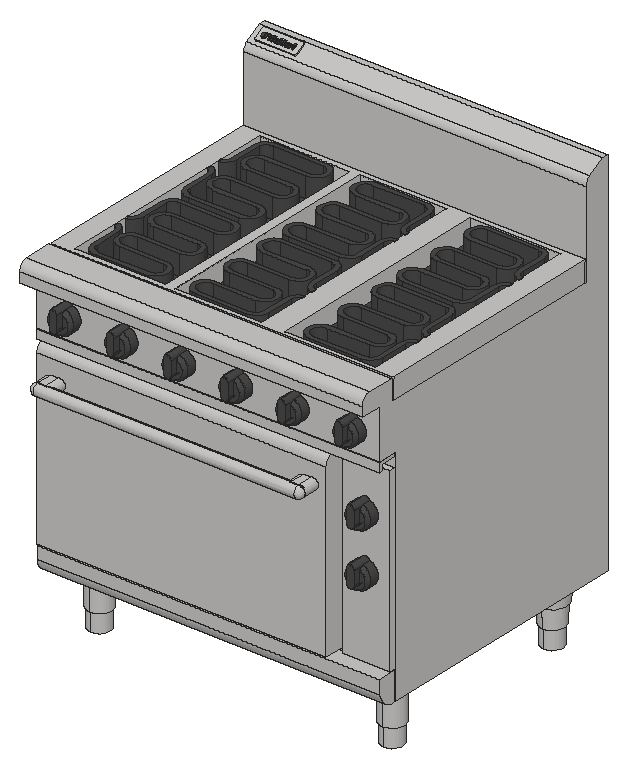
Revit family "QF_MOFFAT WALDORF_RN8610EC", category Specialty Equipment, Revit 2012
Parameters
  Width = 900 mm
  Weight in Pounds = 198
  Watts = 21000 W
  Volts = 415 V
  URL Cutsheet = "www.moffat.com"
  URL = "www.moffat.com"
  Type Mark [instance] = ""
  Status [instance] = ""
  Specification by User [instance] = ""
  Specification by Manufacturer = ""
  Show Logo [instance] = yes
  Show Clearance [instance] = yes
  Serial Number = ""
  Seismic Rating = ""
  SMACNA No = ""
  Revision Code [instance] = ""
  Plumbing Remarks = ""
  Plumbing Connection Type [instance] = ""
  Phase = 3
  Omniclass Number and Title = ""
  Number of Poles [instance] = 1
  NAFEM Spec ID Number = ""
  Model = "RN8610EC"
  Min Ckt Ampacity = 0 A
  Max Overcurrent Protection = 0 A
  Masterspec = ""
  Manufacturer = "MOFFAT WALDORF"
  Item Number [instance] = ""
  Installed By [instance] = ""
  Identify Quantity as Lot [instance] = yes
  Height = 1130 mm
  HP = ""
  Furnished By [instance] = ""
  Foodservice Equipment Identifier [instance] = yes
  FL Amps = 29.3 A
  Electrical Remarks [instance] = ""
  Electric Connection Type [instance] = ""
  Elec Conn RI Height [instance] = 0 mm
  Elec Conn Connection Height [instance] = 0 mm
  Description = "RANGE ELECTRIC WITH CONVECTION OVEN"
  Depth = 805 mm
  Cycle = 50 Hz
  Conn Plug = ""
  Conn Conduit = yes
  Cold Water Temperature Recommended = -459.67 °F
  Cold Water Size = 1/2"
  Cold Water RI Height [instance] = 0 mm
  Cold Water Minimum Pressure = 0.00 psi
  Cold Water Maximum Pressure = 0.00 psi
  Cold Water Flow = 0 GPM
  Cold Water Consumption = ""
  Cold Water Connection Height = 0 mm
  CSI MasterFormat = ""
  CSI Master Format = ""
  Body Finish = QF_Finishes_Stainless Steel
  Apparent Power = 0 VA
Reference planes
  plane 1 "BACK": y = 0
  plane 2: z = 0
  plane 3 "LEFT": x = 0
  plane 4 "RIGHT": x = 900
  plane 5 "FRONT": y = -805
  plane 6 "TOP": z = 1130
  plane 7 "Center Y": x = 450
  plane 8 "Center X": y = -402.5
  plane 9: x = 280
  plane 10: y = -574.272
  plane 11: x = 60
  plane 12: y = -304.972
  plane 13: y = -364.972
  plane 14: x = 74
  plane 15: y = -805
  plane 16: x = 834.5
  plane 17: y = -32
  plane 18: z = 655
  plane 19: x = 65.8
Forms (mm)
  Extrusion 1, solid, material "QF_Finishes_Stainless Steel" <- "Body Finish"
    sketch origin (0, 0, 0) x (0, 1, 0) y (0, 0, 1)
      loop
        line (0, 150) -> (0, 1130) -> (-16.5, 1130) -> (-58.709, 1105.631)
        arc (-58.709, 1105.631) -> (-66.975, 1097.365) -> (-70, 1086.074) r 22.582
        line (-70, 1086.074) -> (-70, 861.8) -> (-709, 861.8) -> (-709, 915) -> (-781, 915)
        arc (-781, 915) -> (-797.971, 907.971) -> (-805, 891) r 24
        line (-805, 891) -> (-805, 866) -> (-749, 866) -> (-749, 736.219) -> (-696.73, 736.219) -> (-696.73, 150) -> (0, 150)
      loop
        line (-700.93, 150.071) -> (-700.93, 222.5) -> (-746.73, 222.5) -> (-746.73, 188)
        arc (-746.73, 188) -> (-731.317, 159.995) -> (-700.93, 150.071) r 43.526
      loop
        line (-749, 710) -> (-740.224, 710) -> (-742.613, 726.999) -> (-700.93, 726.999) -> (-700.93, 734.003) -> (-749, 734.003) -> (-749, 710)
    from 0 to 900
  Extrusion 2, solid, material "QF_Finishes_Stainless Steel"
    sketch origin (0, 0, 0) x (0, 1, 0) y (0, 0, 1)
      loop
        line (-699, 700) -> (-725, 700)
        arc (-725, 700) -> (-741.971, 692.971) -> (-749, 676) r 24
        line (-749, 676) -> (-749, 227.5) -> (-699, 227.5) -> (-699, 700)
    from 0 to 760
  Extrusion 3, solid, material "QF_Finishes_Stainless Steel"
    sketch origin (723.5, 0, 0) x (0, 1, 0) y (0, 0, 1)
      loop
        line (-699, 700) -> (-714, 700) -> (-714, 227.5) -> (-699, 227.5) -> (-699, 700)
    from 51.5 to 176.5
  Revolve 4, solid, material "QF_Finishes_Stainless Steel" <- "Body Finish"
    sketch origin (834.5, -165, 0) x (0, 1, 0) y (0, 0, -1)
      loop
        line (33.25, -50) -> (31.418, -102.468) -> (26.406, -102.468) -> (22.247, -150) -> (65, -150) -> (65, 0) -> (37.5, 0) -> (37.5, -50) -> (33.25, -50)
      axis (65, -150) -> (65, 0)
    angle from 0 to 360
  Revolve 5, solid, material "QF_Finishes_Stainless Steel" <- "Body Finish"
    sketch origin (834.5, -696.126, 0) x (0, 1, 0) y (0, 0, -1)
      loop
        line (39.376, -150) -> (71.126, -150) -> (71.126, 0) -> (43.626, 0) -> (43.626, -50) -> (39.376, -50) -> (39.376, -150)
      axis (71.126, -150) -> (71.126, 0)
    angle from 0 to 360
  Revolve 6, solid, material "QF_Finishes_Stainless Steel" <- "Body Finish"
    sketch origin (65.5, -165, 0) x (0, 1, 0) y (0, 0, 1)
      loop
        line (31.418, 102.468) -> (33.25, 50) -> (37.5, 50) -> (37.5, 0) -> (65, 0) -> (65, 150) -> (22.247, 150) -> (26.406, 102.468) -> (31.418, 102.468)
      axis (65, 150) -> (65, 0)
    angle from 0 to 360
  Revolve 7, solid, material "QF_Finishes_Stainless Steel" <- "Body Finish"
    sketch origin (65.5, -696.126, 0) x (0, 1, 0) y (0, 0, 1)
      loop
        line (39.376, 150) -> (39.376, 50) -> (43.626, 50) -> (43.626, 0) -> (71.126, 0) -> (71.126, 150) -> (39.376, 150)
      axis (71.126, 150) -> (71.126, 0)
    angle from 0 to 360
  Extrusion 8, solid, material "QF_Finishes_Stainless Steel"
    sketch origin (0, -70, 861.8) x (0, -1, 0) y (1, 0, 0)
      loop
        arc (1, 4) -> (1.879, 1.879) -> (4, 1) r 3
        line (4, 1) -> (631, 1)
        arc (631, 1) -> (633.121, 1.879) -> (634, 4) r 3
        line (634, 4) -> (634, 897)
        arc (634, 897) -> (633.121, 899.121) -> (631, 900) r 3
        line (631, 900) -> (4, 900)
        arc (4, 900) -> (1.879, 899.121) -> (1, 897) r 3
        line (1, 897) -> (1, 4)
      loop
        line (15.284, 54) -> (623.415, 54) -> (623.415, 293.3) -> (15.284, 293.3) -> (15.284, 54)
      loop
        line (15.284, 846) -> (15.284, 606.7) -> (623.415, 606.7) -> (623.415, 846) -> (15.284, 846)
      loop
        line (15.284, 546) -> (15.284, 316.7) -> (623.415, 316.7) -> (623.415, 546) -> (15.284, 546)
    from 0 to 53.2
  Revolve 9, solid, material "QF_Finishes_Black"
    sketch origin (839.351, 38.874, -0.118) x (0, 1, 0) y (0, 0, 1)
      loop
        line (-820.874, 829.5) -> (-831.874, 823.651) -> (-831.874, 797) -> (-787.874, 797) -> (-787.874, 802) -> (-797.874, 802) -> (-797.874, 829.5) -> (-820.874, 829.5)
      axis (-831.874, 797) -> (-787.874, 797)
    angle from 0 to 360
  Revolve 10, solid, material "QF_Finishes_Black"
    sketch origin (689.351, 38.874, -0.118) x (0, 1, 0) y (0, 0, 1)
      loop
        line (-820.874, 829.5) -> (-831.874, 823.651) -> (-831.874, 797) -> (-787.874, 797) -> (-787.874, 802) -> (-797.874, 802) -> (-797.874, 829.5) -> (-820.874, 829.5)
      axis (-831.874, 797) -> (-787.874, 797)
    angle from 0 to 360
  Revolve 11, solid, material "QF_Finishes_Black"
    sketch origin (90.649, 38.874, -0.118) x (0, 1, 0) y (0, 0, -1)
      loop
        line (-820.874, -829.5) -> (-797.874, -829.5) -> (-797.874, -802) -> (-787.874, -802) -> (-787.874, -797) -> (-831.874, -797) -> (-831.874, -823.651) -> (-820.874, -829.5)
      axis (-831.874, -797) -> (-787.874, -797)
    angle from 0 to 360
  Revolve 12, solid, material "QF_Finishes_Black"
    sketch origin (240.649, 38.874, -0.118) x (0, 1, 0) y (0, 0, -1)
      loop
        line (-820.874, -829.5) -> (-797.874, -829.5) -> (-797.874, -802) -> (-787.874, -802) -> (-787.874, -797) -> (-831.874, -797) -> (-831.874, -823.651) -> (-820.874, -829.5)
      axis (-831.874, -797) -> (-787.874, -797)
    angle from 0 to 360
  Revolve 13, solid, material "QF_Finishes_Black"
    sketch origin (390.625, 38.874, -0.118) x (0, 1, 0) y (0, 0, -1)
      loop
        line (-820.874, -829.5) -> (-797.874, -829.5) -> (-797.874, -802) -> (-787.874, -802) -> (-787.874, -797) -> (-831.874, -797) -> (-831.874, -823.651) -> (-820.874, -829.5)
      axis (-831.874, -797) -> (-787.874, -797)
    angle from 0 to 360
  Revolve 14, solid, material "QF_Finishes_Black"
    sketch origin (540.625, 38.874, -0.118) x (0, 1, 0) y (0, 0, -1)
      loop
        line (-820.874, -829.5) -> (-797.874, -829.5) -> (-797.874, -802) -> (-787.874, -802) -> (-787.874, -797) -> (-831.874, -797) -> (-831.874, -823.651) -> (-820.874, -829.5)
      axis (-831.874, -797) -> (-787.874, -797)
    angle from 0 to 360
  Extrusion 15, solid, material "QF_Finishes_Black"
    sketch origin (238.456, 0, -0.118) x (-1, 0, 0) y (0, 0, -1)
      loop
        arc (158.3, -789) -> (148.3, -779) -> (138.3, -789) r 10
        line (138.3, -789) -> (138.3, -824)
        arc (138.3, -824) -> (148.3, -834) -> (158.3, -824) r 10
        line (158.3, -824) -> (158.3, -789)
    from 759 to 808
  Extrusion 16, solid, material "QF_Finishes_Black"
    sketch origin (388.456, 0, -0.118) x (-1, 0, 0) y (0, 0, -1)
      loop
        arc (158.3, -789) -> (148.3, -779) -> (138.3, -789) r 10
        line (138.3, -789) -> (138.3, -824)
        arc (138.3, -824) -> (148.3, -834) -> (158.3, -824) r 10
        line (158.3, -824) -> (158.3, -789)
    from 759 to 808
  Extrusion 17, solid, material "QF_Finishes_Black"
    sketch origin (691.544, 0, -0.118) x (1, 0, 0) y (0, 0, 1)
      loop
        line (158.3, 789) -> (158.3, 824)
        arc (158.3, 824) -> (148.3, 834) -> (138.3, 824) r 10
        line (138.3, 824) -> (138.3, 789)
        arc (138.3, 789) -> (148.3, 779) -> (158.3, 789) r 10
    from 759 to 808
  Extrusion 18, solid, material "QF_Finishes_Black"
    sketch origin (541.544, 0, -0.118) x (1, 0, 0) y (0, 0, 1)
      loop
        line (158.3, 789) -> (158.3, 824)
        arc (158.3, 824) -> (148.3, 834) -> (138.3, 824) r 10
        line (138.3, 824) -> (138.3, 789)
        arc (138.3, 789) -> (148.3, 779) -> (158.3, 789) r 10
    from 759 to 808
  Extrusion 19, solid, material "QF_Finishes_Black"
    sketch origin (538.432, 0, -0.118) x (-1, 0, 0) y (0, 0, -1)
      loop
        arc (158.3, -789) -> (148.3, -779) -> (138.3, -789) r 10
        line (138.3, -789) -> (138.3, -824)
        arc (138.3, -824) -> (148.3, -834) -> (158.3, -824) r 10
        line (158.3, -824) -> (158.3, -789)
    from 759 to 808
  Extrusion 20, solid, material "QF_Finishes_Black"
    sketch origin (688.432, 0, -0.118) x (-1, 0, 0) y (0, 0, -1)
      loop
        arc (158.3, -789) -> (148.3, -779) -> (138.3, -789) r 10
        line (138.3, -789) -> (138.3, -824)
        arc (138.3, -824) -> (148.3, -834) -> (158.3, -824) r 10
        line (158.3, -824) -> (158.3, -789)
    from 759 to 808
  Revolve 21, solid, material "QF_Finishes_Black"
    sketch origin (836.851, 81.374, -215.118) x (0, 1, 0) y (0, 0, 1)
      loop
        line (-820.874, 829.5) -> (-831.874, 823.651) -> (-831.874, 797) -> (-787.874, 797) -> (-787.874, 802) -> (-797.874, 802) -> (-797.874, 829.5) -> (-820.874, 829.5)
      axis (-831.874, 797) -> (-787.874, 797)
    angle from 0 to 360
  Extrusion 22, solid, material "QF_Finishes_Black"
    sketch origin (689.044, 42.5, -215.118) x (1, 0, 0) y (0, 0, 1)
      loop
        line (158.3, 789) -> (158.3, 824)
        arc (158.3, 824) -> (148.3, 834) -> (138.3, 824) r 10
        line (138.3, 824) -> (138.3, 789)
        arc (138.3, 789) -> (148.3, 779) -> (158.3, 789) r 10
    from 759 to 808
  Extrusion 23, solid, material "QF_Finishes_Stainless Steel"
    sketch origin (0, -737.874, 150) x (1, 0, 0) y (0, -1, 0)
      loop
        circle (820, -271.874) r 10
    from 0 to 5
  Extrusion 24, solid, material "QF_Door-Drawer Clearances", visible <- "Show Clearance", detail levels coarse
    sketch origin (0, 0, 0) x (0, -1, 0) y (0, 0, 1)
      loop
        line (749, 697.347) -> (749, 227.5) -> (1218.847, 227.5)
        arc (1218.847, 227.5) -> (1081.232, 559.732) -> (749, 697.347) r 469.847
    from 0 to -760
  Extrusion 25, solid, material "QF_Finishes_Black"
    sketch origin (0, -70, 0) x (0, -1, 0) y (1, 0, 0)
      loop
        arc (20.503, 102.138) -> (29.265, 78.692) -> (52.032, 68.293) r 32.731
        line (52.032, 68.293) -> (123.291, 68.293)
        arc (123.291, 68.293) -> (134.915, 64.189) -> (141.853, 54) r 19.786
        line (141.853, 54) -> (154.156, 54)
        arc (154.156, 54) -> (143.507, 72.673) -> (123.41, 80.3) r 31.79
        line (123.41, 80.3) -> (52.272, 80.3)
        arc (52.272, 80.3) -> (37.925, 87.003) -> (32.5, 101.881) r 20.722
        line (32.5, 101.881) -> (32.5, 234.6)
        arc (32.5, 234.6) -> (54.2, 256.3) -> (75.9, 234.6) r 21.7
        line (75.9, 234.6) -> (75.9, 122)
        arc (75.9, 122) -> (109.6, 88.3) -> (143.3, 122) r 33.7
        line (143.3, 122) -> (143.3, 234.6)
        arc (143.3, 234.6) -> (165, 256.3) -> (186.7, 234.6) r 21.7
        line (186.7, 234.6) -> (186.7, 122)
        arc (186.7, 122) -> (220.4, 88.3) -> (254.1, 122) r 33.7
        line (254.1, 122) -> (254.1, 234.6)
        arc (254.1, 234.6) -> (275.8, 256.3) -> (297.5, 234.6) r 21.7
        line (297.5, 234.6) -> (297.5, 101.881)
        arc (297.5, 101.881) -> (292.075, 87.003) -> (277.728, 80.3) r 20.722
        line (277.728, 80.3) -> (206.584, 80.3)
        arc (206.584, 80.3) -> (186.467, 72.659) -> (175.749, 54) r 31.973
        line (175.749, 54) -> (188.064, 54)
        arc (188.064, 54) -> (195.064, 64.184) -> (206.716, 68.3) r 19.973
        line (206.716, 68.3) -> (277.967, 68.3)
        arc (277.967, 68.3) -> (300.725, 78.682) -> (309.5, 102.106) r 32.722
        line (309.5, 102.106) -> (309.5, 234.6)
        arc (309.5, 234.6) -> (275.8, 268.3) -> (242.1, 234.6) r 33.7
        line (242.1, 234.6) -> (242.1, 122)
        arc (242.1, 122) -> (220.4, 100.3) -> (198.7, 122) r 21.7
        line (198.7, 122) -> (198.7, 234.6)
        arc (198.7, 234.6) -> (165, 268.3) -> (131.3, 234.6) r 33.7
        line (131.3, 234.6) -> (131.3, 122)
        arc (131.3, 122) -> (109.6, 100.3) -> (87.9, 122) r 21.7
        line (87.9, 122) -> (87.9, 234.6)
        arc (87.9, 234.6) -> (54.202, 268.298) -> (20.503, 234.6) r 33.698
        line (20.503, 234.6) -> (20.503, 102.138)
      loop
        arc (325.503, 102.138) -> (334.265, 78.692) -> (357.032, 68.293) r 32.731
        line (357.032, 68.293) -> (428.291, 68.293)
        arc (428.291, 68.293) -> (439.915, 64.189) -> (446.853, 54) r 19.786
        line (446.853, 54) -> (459.156, 54)
        arc (459.156, 54) -> (448.507, 72.673) -> (428.41, 80.3) r 31.79
        line (428.41, 80.3) -> (357.272, 80.3)
        arc (357.272, 80.3) -> (342.925, 87.003) -> (337.5, 101.881) r 20.722
        line (337.5, 101.881) -> (337.5, 234.6)
        arc (337.5, 234.6) -> (359.2, 256.3) -> (380.9, 234.6) r 21.7
        line (380.9, 234.6) -> (380.9, 122)
        arc (380.9, 122) -> (414.6, 88.3) -> (448.3, 122) r 33.7
        line (448.3, 122) -> (448.3, 234.6)
        arc (448.3, 234.6) -> (470, 256.3) -> (491.7, 234.6) r 21.7
        line (491.7, 234.6) -> (491.7, 122)
        arc (491.7, 122) -> (525.4, 88.3) -> (559.1, 122) r 33.7
        line (559.1, 122) -> (559.1, 234.6)
        arc (559.1, 234.6) -> (580.8, 256.3) -> (602.5, 234.6) r 21.7
        line (602.5, 234.6) -> (602.5, 101.881)
        arc (602.5, 101.881) -> (597.075, 87.003) -> (582.728, 80.3) r 20.722
        line (582.728, 80.3) -> (511.584, 80.3)
        arc (511.584, 80.3) -> (491.467, 72.659) -> (480.749, 54) r 31.973
        line (480.749, 54) -> (493.064, 54)
        arc (493.064, 54) -> (500.064, 64.184) -> (511.716, 68.3) r 19.973
        line (511.716, 68.3) -> (582.967, 68.3)
        arc (582.967, 68.3) -> (605.725, 78.682) -> (614.5, 102.106) r 32.722
        line (614.5, 102.106) -> (614.5, 234.6)
        arc (614.5, 234.6) -> (580.8, 268.3) -> (547.1, 234.6) r 33.7
        line (547.1, 234.6) -> (547.1, 122)
        arc (547.1, 122) -> (525.4, 100.3) -> (503.7, 122) r 21.7
        line (503.7, 122) -> (503.7, 234.6)
        arc (503.7, 234.6) -> (470, 268.3) -> (436.3, 234.6) r 33.7
        line (436.3, 234.6) -> (436.3, 122)
        arc (436.3, 122) -> (414.6, 100.3) -> (392.9, 122) r 21.7
        line (392.9, 122) -> (392.9, 234.6)
        arc (392.9, 234.6) -> (359.202, 268.298) -> (325.503, 234.6) r 33.698
        line (325.503, 234.6) -> (325.503, 102.138)
      loop
        line (20.503, 497.862) -> (20.503, 365.4)
        arc (20.503, 365.4) -> (54.202, 331.702) -> (87.9, 365.4) r 33.698
        line (87.9, 365.4) -> (87.9, 478)
        arc (87.9, 478) -> (109.6, 499.7) -> (131.3, 478) r 21.7
        line (131.3, 478) -> (131.3, 365.4)
        arc (131.3, 365.4) -> (165, 331.7) -> (198.7, 365.4) r 33.7
        line (198.7, 365.4) -> (198.7, 478)
        arc (198.7, 478) -> (220.4, 499.7) -> (242.1, 478) r 21.7
        line (242.1, 478) -> (242.1, 365.4)
        arc (242.1, 365.4) -> (275.8, 331.7) -> (309.5, 365.4) r 33.7
        line (309.5, 365.4) -> (309.5, 497.894)
        arc (309.5, 497.894) -> (300.725, 521.318) -> (277.967, 531.7) r 32.722
        line (277.967, 531.7) -> (206.716, 531.7)
        arc (206.716, 531.7) -> (195.064, 535.816) -> (188.064, 546) r 19.973
        line (188.064, 546) -> (175.749, 546)
        arc (175.749, 546) -> (186.467, 527.341) -> (206.584, 519.7) r 31.973
        line (206.584, 519.7) -> (277.728, 519.7)
        arc (277.728, 519.7) -> (292.075, 512.997) -> (297.5, 498.119) r 20.722
        line (297.5, 498.119) -> (297.5, 365.4)
        arc (297.5, 365.4) -> (275.8, 343.7) -> (254.1, 365.4) r 21.7
        line (254.1, 365.4) -> (254.1, 478)
        arc (254.1, 478) -> (220.4, 511.7) -> (186.7, 478) r 33.7
        line (186.7, 478) -> (186.7, 365.4)
        arc (186.7, 365.4) -> (165, 343.7) -> (143.3, 365.4) r 21.7
        line (143.3, 365.4) -> (143.3, 478)
        arc (143.3, 478) -> (109.6, 511.7) -> (75.9, 478) r 33.7
        line (75.9, 478) -> (75.9, 365.4)
        arc (75.9, 365.4) -> (54.2, 343.7) -> (32.5, 365.4) r 21.7
        line (32.5, 365.4) -> (32.5, 498.119)
        arc (32.5, 498.119) -> (37.925, 512.997) -> (52.272, 519.7) r 20.722
        line (52.272, 519.7) -> (123.41, 519.7)
        arc (123.41, 519.7) -> (143.507, 527.327) -> (154.156, 546) r 31.79
        line (154.156, 546) -> (141.853, 546)
        arc (141.853, 546) -> (134.915, 535.811) -> (123.291, 531.707) r 19.786
        line (123.291, 531.707) -> (52.032, 531.707)
        arc (52.032, 531.707) -> (29.265, 521.308) -> (20.503, 497.862) r 32.731
      loop
        line (325.503, 497.862) -> (325.503, 365.4)
        arc (325.503, 365.4) -> (359.202, 331.702) -> (392.9, 365.4) r 33.698
        line (392.9, 365.4) -> (392.9, 478)
        arc (392.9, 478) -> (414.6, 499.7) -> (436.3, 478) r 21.7
        line (436.3, 478) -> (436.3, 365.4)
        arc (436.3, 365.4) -> (470, 331.7) -> (503.7, 365.4) r 33.7
        line (503.7, 365.4) -> (503.7, 478)
        arc (503.7, 478) -> (525.4, 499.7) -> (547.1, 478) r 21.7
        line (547.1, 478) -> (547.1, 365.4)
        arc (547.1, 365.4) -> (580.8, 331.7) -> (614.5, 365.4) r 33.7
        line (614.5, 365.4) -> (614.5, 497.894)
        arc (614.5, 497.894) -> (605.725, 521.318) -> (582.967, 531.7) r 32.722
        line (582.967, 531.7) -> (511.716, 531.7)
        arc (511.716, 531.7) -> (500.064, 535.816) -> (493.064, 546) r 19.973
        line (493.064, 546) -> (480.749, 546)
        arc (480.749, 546) -> (491.467, 527.341) -> (511.584, 519.7) r 31.973
        line (511.584, 519.7) -> (582.728, 519.7)
        arc (582.728, 519.7) -> (597.075, 512.997) -> (602.5, 498.119) r 20.722
        line (602.5, 498.119) -> (602.5, 365.4)
        arc (602.5, 365.4) -> (580.8, 343.7) -> (559.1, 365.4) r 21.7
        line (559.1, 365.4) -> (559.1, 478)
        arc (559.1, 478) -> (525.4, 511.7) -> (491.7, 478) r 33.7
        line (491.7, 478) -> (491.7, 365.4)
        arc (491.7, 365.4) -> (470, 343.7) -> (448.3, 365.4) r 21.7
        line (448.3, 365.4) -> (448.3, 478)
        arc (448.3, 478) -> (414.6, 511.7) -> (380.9, 478) r 33.7
        line (380.9, 478) -> (380.9, 365.4)
        arc (380.9, 365.4) -> (359.2, 343.7) -> (337.5, 365.4) r 21.7
        line (337.5, 365.4) -> (337.5, 498.119)
        arc (337.5, 498.119) -> (342.925, 512.997) -> (357.272, 519.7) r 20.722
        line (357.272, 519.7) -> (428.41, 519.7)
        arc (428.41, 519.7) -> (448.507, 527.327) -> (459.156, 546) r 31.79
        line (459.156, 546) -> (446.853, 546)
        arc (446.853, 546) -> (439.915, 535.811) -> (428.291, 531.707) r 19.786
        line (428.291, 531.707) -> (357.032, 531.707)
        arc (357.032, 531.707) -> (334.265, 521.308) -> (325.503, 497.862) r 32.731
      loop
        line (20.503, 797.862) -> (20.503, 665.4)
        arc (20.503, 665.4) -> (54.202, 631.702) -> (87.9, 665.4) r 33.698
        line (87.9, 665.4) -> (87.9, 778)
        arc (87.9, 778) -> (109.6, 799.7) -> (131.3, 778) r 21.7
        line (131.3, 778) -> (131.3, 665.4)
        arc (131.3, 665.4) -> (165, 631.7) -> (198.7, 665.4) r 33.7
        line (198.7, 665.4) -> (198.7, 778)
        arc (198.7, 778) -> (220.4, 799.7) -> (242.1, 778) r 21.7
        line (242.1, 778) -> (242.1, 665.4)
        arc (242.1, 665.4) -> (275.8, 631.7) -> (309.5, 665.4) r 33.7
        line (309.5, 665.4) -> (309.5, 797.894)
        arc (309.5, 797.894) -> (300.725, 821.318) -> (277.967, 831.7) r 32.722
        line (277.967, 831.7) -> (206.716, 831.7)
        arc (206.716, 831.7) -> (195.064, 835.816) -> (188.064, 846) r 19.973
        line (188.064, 846) -> (175.749, 846)
        arc (175.749, 846) -> (186.467, 827.341) -> (206.584, 819.7) r 31.973
        line (206.584, 819.7) -> (277.728, 819.7)
        arc (277.728, 819.7) -> (292.075, 812.997) -> (297.5, 798.119) r 20.722
        line (297.5, 798.119) -> (297.5, 665.4)
        arc (297.5, 665.4) -> (275.8, 643.7) -> (254.1, 665.4) r 21.7
        line (254.1, 665.4) -> (254.1, 778)
        arc (254.1, 778) -> (220.4, 811.7) -> (186.7, 778) r 33.7
        line (186.7, 778) -> (186.7, 665.4)
        arc (186.7, 665.4) -> (165, 643.7) -> (143.3, 665.4) r 21.7
        line (143.3, 665.4) -> (143.3, 778)
        arc (143.3, 778) -> (109.6, 811.7) -> (75.9, 778) r 33.7
        line (75.9, 778) -> (75.9, 665.4)
        arc (75.9, 665.4) -> (54.2, 643.7) -> (32.5, 665.4) r 21.7
        line (32.5, 665.4) -> (32.5, 798.119)
        arc (32.5, 798.119) -> (37.925, 812.997) -> (52.272, 819.7) r 20.722
        line (52.272, 819.7) -> (123.41, 819.7)
        arc (123.41, 819.7) -> (143.507, 827.327) -> (154.156, 846) r 31.79
        line (154.156, 846) -> (141.853, 846)
        arc (141.853, 846) -> (134.915, 835.811) -> (123.291, 831.707) r 19.786
        line (123.291, 831.707) -> (52.032, 831.707)
        arc (52.032, 831.707) -> (29.265, 821.308) -> (20.503, 797.862) r 32.731
      loop
        line (325.503, 797.862) -> (325.503, 665.4)
        arc (325.503, 665.4) -> (359.202, 631.702) -> (392.9, 665.4) r 33.698
        line (392.9, 665.4) -> (392.9, 778)
        arc (392.9, 778) -> (414.6, 799.7) -> (436.3, 778) r 21.7
        line (436.3, 778) -> (436.3, 665.4)
        arc (436.3, 665.4) -> (470, 631.7) -> (503.7, 665.4) r 33.7
        line (503.7, 665.4) -> (503.7, 778)
        arc (503.7, 778) -> (525.4, 799.7) -> (547.1, 778) r 21.7
        line (547.1, 778) -> (547.1, 665.4)
        arc (547.1, 665.4) -> (580.8, 631.7) -> (614.5, 665.4) r 33.7
        line (614.5, 665.4) -> (614.5, 797.894)
        arc (614.5, 797.894) -> (605.725, 821.318) -> (582.967, 831.7) r 32.722
        line (582.967, 831.7) -> (511.716, 831.7)
        arc (511.716, 831.7) -> (500.064, 835.816) -> (493.064, 846) r 19.973
        line (493.064, 846) -> (480.749, 846)
        arc (480.749, 846) -> (491.467, 827.341) -> (511.584, 819.7) r 31.973
        line (511.584, 819.7) -> (582.728, 819.7)
        arc (582.728, 819.7) -> (597.075, 812.997) -> (602.5, 798.119) r 20.722
        line (602.5, 798.119) -> (602.5, 665.4)
        arc (602.5, 665.4) -> (580.8, 643.7) -> (559.1, 665.4) r 21.7
        line (559.1, 665.4) -> (559.1, 778)
        arc (559.1, 778) -> (525.4, 811.7) -> (491.7, 778) r 33.7
        line (491.7, 778) -> (491.7, 665.4)
        arc (491.7, 665.4) -> (470, 643.7) -> (448.3, 665.4) r 21.7
        line (448.3, 665.4) -> (448.3, 778)
        arc (448.3, 778) -> (414.6, 811.7) -> (380.9, 778) r 33.7
        line (380.9, 778) -> (380.9, 665.4)
        arc (380.9, 665.4) -> (359.2, 643.7) -> (337.5, 665.4) r 21.7
        line (337.5, 665.4) -> (337.5, 798.119)
        arc (337.5, 798.119) -> (342.925, 812.997) -> (357.272, 819.7) r 20.722
        line (357.272, 819.7) -> (428.41, 819.7)
        arc (428.41, 819.7) -> (448.507, 827.327) -> (459.156, 846) r 31.79
        line (459.156, 846) -> (446.853, 846)
        arc (446.853, 846) -> (439.915, 835.811) -> (428.291, 831.707) r 19.786
        line (428.291, 831.707) -> (357.032, 831.707)
        arc (357.032, 831.707) -> (334.265, 821.308) -> (325.503, 797.862) r 32.731
    from 861.8 to 915
  Revolve 26, solid, material "QF_Finishes_Black"
    sketch origin (836.851, 81.374, -356.368) x (0, 1, 0) y (0, 0, 1)
      loop
        line (-820.874, 829.5) -> (-831.874, 823.651) -> (-831.874, 797) -> (-787.874, 797) -> (-787.874, 802) -> (-797.874, 802) -> (-797.874, 829.5) -> (-820.874, 829.5)
      axis (-831.874, 797) -> (-787.874, 797)
    angle from 0 to 360
  Extrusion 27, solid, material "QF_Finishes_Black"
    sketch origin (689.044, 42.5, -356.368) x (1, 0, 0) y (0, 0, 1)
      loop
        line (158.3, 789) -> (158.3, 824)
        arc (158.3, 824) -> (148.3, 834) -> (138.3, 824) r 10
        line (138.3, 824) -> (138.3, 789)
        arc (138.3, 789) -> (148.3, 779) -> (158.3, 789) r 10
    from 759 to 808
  Extrusion 28, solid, material "QF_Finishes_Stainless Steel"
    sketch origin (0, -749, 227.5) x (0, 0, 1) y (-1, 0, 0)
      loop
        line (380.625, -38.246) -> (380.625, -58.528)
        arc (380.625, -58.528) -> (395.625, -73.528) -> (410.625, -58.528) r 15
        line (410.625, -58.528) -> (410.625, -38.246)
        arc (410.625, -38.246) -> (395.625, -23.246) -> (380.625, -38.246) r 15
      loop
        arc (380.625, -723.039) -> (395.625, -738.039) -> (410.625, -723.039) r 15
        line (410.625, -723.039) -> (410.625, -702.757)
        arc (410.625, -702.757) -> (395.625, -687.757) -> (380.625, -702.757) r 15
        line (380.625, -702.757) -> (380.625, -723.039)
    from 0 to 44
  Revolve 29, solid, material "QF_Finishes_Stainless Steel"
    sketch origin (0, -793, 0) x (1, 0, 0) y (0, 0, 1)
      loop
        arc (738.039, 623.125) -> (733.646, 633.732) -> (723.039, 638.125) r 15
        line (723.039, 638.125) -> (38.246, 638.125)
        arc (38.246, 638.125) -> (27.64, 633.732) -> (23.246, 623.125) r 15
        line (23.246, 623.125) -> (738.039, 623.125)
      axis (738.039, 623.125) -> (23.246, 623.125)
    angle from 0 to 360
Lines and regions (mm)
  Split face 1
    outline origin (0, -16.5, 1130) x (0, -0.866025, -0.5) y (1, 0, 0)
      loop
        line (1.962, 129.583) -> (34.599, 129.583) -> (34.599, 149.583) -> (1.962, 149.583) -> (1.962, 129.583)
  Split face 2
    outline origin (0, -16.5, 1130) x (0, -0.866025, -0.5) y (1, 0, 0)
      loop
        line (34.599, 156.5) -> (34.599, 176.5) -> (1.962, 176.5) -> (1.962, 156.5) -> (34.599, 156.5)
  Split face 3
    outline origin (0, -16.5, 1130) x (0, -0.866025, -0.5) y (1, 0, 0)
      loop
        line (34.599, 203.5) -> (1.962, 203.5) -> (1.962, 183.5) -> (34.599, 183.5) -> (34.599, 203.5)
  Split face 4
    outline origin (0, -16.5, 1130) x (0, -0.866025, -0.5) y (1, 0, 0)
      loop
        line (34.599, 230.5) -> (1.962, 230.5) -> (1.962, 210.5) -> (34.599, 210.5) -> (34.599, 230.5)
  Split face 5
    outline origin (0, -16.5, 1130) x (0, -0.866025, -0.5) y (1, 0, 0)
      loop
        line (34.599, 257.5) -> (1.962, 257.5) -> (1.962, 237.5) -> (34.599, 237.5) -> (34.599, 257.5)
  Split face 6
    outline origin (0, -16.5, 1130) x (0, -0.866025, -0.5) y (1, 0, 0)
      loop
        line (34.599, 264.5) -> (34.599, 284.5) -> (1.962, 284.5) -> (1.962, 264.5) -> (34.599, 264.5)
  Split face 7
    outline origin (0, -16.5, 1130) x (0, -0.866025, -0.5) y (1, 0, 0)
      loop
        line (34.599, 311.5) -> (1.962, 311.5) -> (1.962, 291.5) -> (34.599, 291.5) -> (34.599, 311.5)
  Split face 8
    outline origin (0, -16.5, 1130) x (0, -0.866025, -0.5) y (1, 0, 0)
      loop
        line (1.962, 638.5) -> (1.962, 618.5) -> (34.599, 618.5) -> (34.599, 638.5) -> (1.962, 638.5)
  Split face 9
    outline origin (0, -16.5, 1130) x (0, -0.866025, -0.5) y (1, 0, 0)
      loop
        line (1.962, 645.5) -> (34.599, 645.5) -> (34.599, 665.5) -> (1.962, 665.5) -> (1.962, 645.5)
  Split face 10
    outline origin (0, -16.5, 1130) x (0, -0.866025, -0.5) y (1, 0, 0)
      loop
        line (34.599, 672.5) -> (34.599, 692.5) -> (1.962, 692.5) -> (1.962, 672.5) -> (34.599, 672.5)
  Split face 11
    outline origin (0, -16.5, 1130) x (0, -0.866025, -0.5) y (1, 0, 0)
      loop
        line (34.599, 699.5) -> (34.599, 719.5) -> (1.962, 719.5) -> (1.962, 699.5) -> (34.599, 699.5)
  Split face 12
    outline origin (0, -16.5, 1130) x (0, -0.866025, -0.5) y (1, 0, 0)
      loop
        line (34.599, 726.5) -> (34.599, 746.5) -> (1.962, 746.5) -> (1.962, 726.5) -> (34.599, 726.5)
  Split face 13
    outline origin (0, -16.5, 1130) x (0, -0.866025, -0.5) y (1, 0, 0)
      loop
        line (1.962, 753.5) -> (34.599, 753.5) -> (34.599, 773.5) -> (1.962, 773.5) -> (1.962, 753.5)
  Split face 14
    outline origin (29.312, -16.5, 1130) x (0, -0.866025, -0.5) y (1, 0, 0)
      loop
        line (34.599, 311.5) -> (1.962, 311.5) -> (1.962, 291.5) -> (34.599, 291.5) -> (34.599, 311.5)
  Split face 15
    outline origin (58.539, -16.5, 1130) x (0, -0.866025, -0.5) y (1, 0, 0)
      loop
        line (34.599, 311.5) -> (1.962, 311.5) -> (1.962, 291.5) -> (34.599, 291.5) -> (34.599, 311.5)
  Split face 16
    outline origin (85.538, -16.5, 1130) x (0, -0.866025, -0.5) y (1, 0, 0)
      loop
        line (34.599, 311.5) -> (1.962, 311.5) -> (1.962, 291.5) -> (34.599, 291.5) -> (34.599, 311.5)
  Split face 17
    outline origin (111.014, -16.5, 1130) x (0, -0.866025, -0.5) y (1, 0, 0)
      loop
        line (34.599, 311.5) -> (1.962, 311.5) -> (1.962, 291.5) -> (34.599, 291.5) -> (34.599, 311.5)
  Split face 18
    outline origin (137.462, -16.5, 1130) x (0, -0.866025, -0.5) y (1, 0, 0)
      loop
        line (34.599, 311.5) -> (1.962, 311.5) -> (1.962, 291.5) -> (34.599, 291.5) -> (34.599, 311.5)
  Split face 19
    outline origin (163.546, -16.5, 1130) x (0, -0.866025, -0.5) y (1, 0, 0)
      loop
        line (34.599, 311.5) -> (1.962, 311.5) -> (1.962, 291.5) -> (34.599, 291.5) -> (34.599, 311.5)
  Split face 20
    outline origin (189.443, -16.5, 1130) x (0, -0.866025, -0.5) y (1, 0, 0)
      loop
        line (34.599, 311.5) -> (1.962, 311.5) -> (1.962, 291.5) -> (34.599, 291.5) -> (34.599, 311.5)
  Split face 21
    outline origin (215.891, -16.5, 1130) x (0, -0.866025, -0.5) y (1, 0, 0)
      loop
        line (34.599, 311.5) -> (1.962, 311.5) -> (1.962, 291.5) -> (34.599, 291.5) -> (34.599, 311.5)
  Split face 22
    outline origin (246.196, -16.5, 1130) x (0, -0.866025, -0.5) y (1, 0, 0)
      loop
        line (34.599, 311.5) -> (1.962, 311.5) -> (1.962, 291.5) -> (34.599, 291.5) -> (34.599, 311.5)
  Split face 23
    outline origin (274.297, -16.5, 1130) x (0, -0.866025, -0.5) y (1, 0, 0)
      loop
        line (34.599, 311.5) -> (1.962, 311.5) -> (1.962, 291.5) -> (34.599, 291.5) -> (34.599, 311.5)
  Split face 24
    outline origin (299.643, -16.5, 1130) x (0, -0.866025, -0.5) y (1, 0, 0)
      loop
        line (34.599, 311.5) -> (1.962, 311.5) -> (1.962, 291.5) -> (34.599, 291.5) -> (34.599, 311.5)
  symbolic lines
    curve 1: line (0, 0, 0) -> (0, -805, 0)
    curve 2: line (900, 0, 0) -> (0, 0, 0)
    curve 3: line (900, -805, 0) -> (900, 0, 0)
    curve 4: line (0, -70, 0) -> (900, -70, 0)
    curve 5: line (12.5, -51.234, 0) -> (12.5, -20.958, 0)
    curve 6: line (12.5, -20.958, 0) -> (121.5, -20.958, 0)
    curve 7: line (12.5, -51.234, 0) -> (121.5, -51.234, 0)
    curve 8: line (121.5, -20.958, 0) -> (121.5, -51.234, 0)
    curve 9: line (129.583, -22.262, 0) -> (129.583, -50.526, 0)
    curve 10: line (129.583, -50.526, 0) -> (149.583, -50.526, 0)
    curve 11: line (149.583, -50.526, 0) -> (149.583, -22.262, 0)
    curve 12: line (149.583, -22.262, 0) -> (129.583, -22.262, 0)
    curve 13: line (156.5, -22.262, 0) -> (156.5, -50.526, 0)
    curve 14: line (156.5, -50.526, 0) -> (176.5, -50.526, 0)
    curve 15: line (176.5, -50.526, 0) -> (176.5, -22.262, 0)
    curve 16: line (176.5, -22.262, 0) -> (156.5, -22.262, 0)
    curve 17: line (183.5, -22.262, 0) -> (183.5, -50.526, 0)
    curve 18: line (183.5, -50.526, 0) -> (203.5, -50.526, 0)
    curve 19: line (203.5, -50.526, 0) -> (203.5, -22.262, 0)
    curve 20: line (203.5, -22.262, 0) -> (183.5, -22.262, 0)
    curve 21: line (210.5, -22.262, 0) -> (210.5, -50.526, 0)
    curve 22: line (210.5, -50.526, 0) -> (230.5, -50.526, 0)
    curve 23: line (230.5, -50.526, 0) -> (230.5, -22.262, 0)
    curve 24: line (230.5, -22.262, 0) -> (210.5, -22.262, 0)
    curve 25: line (900, -805, 0) -> (0, -805, 0)
    curve 26: line (237.5, -22.262, 0) -> (237.5, -50.526, 0)
    curve 27: line (237.5, -50.526, 0) -> (257.5, -50.526, 0)
    curve 28: line (257.5, -50.526, 0) -> (257.5, -22.262, 0)
    curve 29: line (257.5, -22.262, 0) -> (237.5, -22.262, 0)
    curve 30: line (264.417, -22.262, 0) -> (264.417, -50.526, 0)
    curve 31: line (264.417, -50.526, 0) -> (284.417, -50.526, 0)
    curve 32: line (284.417, -50.526, 0) -> (284.417, -22.262, 0)
    curve 33: line (284.417, -22.262, 0) -> (264.417, -22.262, 0)
    curve 34: line (291.417, -22.262, 0) -> (291.417, -50.526, 0)
    curve 35: line (291.417, -50.526, 0) -> (311.417, -50.526, 0)
    curve 36: line (311.417, -50.526, 0) -> (311.417, -22.262, 0)
    curve 37: line (311.417, -22.262, 0) -> (291.417, -22.262, 0)
    curve 38: line (320.812, -22.262, 0) -> (320.812, -50.526, 0)
    curve 39: line (320.812, -50.526, 0) -> (340.812, -50.526, 0)
    curve 40: line (340.812, -50.526, 0) -> (340.812, -22.262, 0)
    curve 41: line (340.812, -22.262, 0) -> (320.812, -22.262, 0)
    curve 42: line (350.039, -22.262, 0) -> (350.039, -50.526, 0)
    curve 43: line (350.039, -50.526, 0) -> (370.039, -50.526, 0)
    curve 44: line (370.039, -50.526, 0) -> (370.039, -22.262, 0)
    curve 45: line (370.039, -22.262, 0) -> (350.039, -22.262, 0)
    curve 46: line (376.956, -22.262, 0) -> (376.956, -50.526, 0)
    curve 47: line (376.956, -50.526, 0) -> (396.956, -50.526, 0)
    curve 48: line (396.956, -50.526, 0) -> (396.956, -22.262, 0)
    curve 49: line (396.956, -22.262, 0) -> (376.956, -22.262, 0)
    curve 50: line (402.514, -22.262, 0) -> (402.514, -50.526, 0)
    curve 51: line (402.514, -50.526, 0) -> (422.514, -50.526, 0)
    curve 52: line (422.514, -50.526, 0) -> (422.514, -22.262, 0)
    curve 53: line (422.514, -22.262, 0) -> (402.514, -22.262, 0)
    curve 54: line (428.962, -22.262, 0) -> (428.962, -50.526, 0)
    curve 55: line (428.962, -50.526, 0) -> (448.962, -50.526, 0)
    curve 56: line (448.962, -50.526, 0) -> (448.962, -22.262, 0)
    curve 57: line (448.962, -22.262, 0) -> (428.962, -22.262, 0)
    curve 58: line (455.046, -22.262, 0) -> (455.046, -50.526, 0)
    curve 59: line (455.046, -50.526, 0) -> (475.046, -50.526, 0)
    curve 60: line (475.046, -50.526, 0) -> (475.046, -22.262, 0)
    curve 61: line (475.046, -22.262, 0) -> (455.046, -22.262, 0)
    curve 62: line (480.943, -22.262, 0) -> (480.943, -50.526, 0)
    curve 63: line (480.943, -50.526, 0) -> (500.943, -50.526, 0)
    curve 64: line (500.943, -50.526, 0) -> (500.943, -22.262, 0)
    curve 65: line (500.943, -22.262, 0) -> (480.943, -22.262, 0)
    curve 66: line (507.391, -22.262, 0) -> (507.391, -50.526, 0)
    curve 67: line (507.391, -50.526, 0) -> (527.391, -50.526, 0)
    curve 68: line (527.391, -50.526, 0) -> (527.391, -22.262, 0)
    curve 69: line (527.391, -22.262, 0) -> (507.391, -22.262, 0)
    curve 70: line (537.696, -22.262, 0) -> (537.696, -50.526, 0)
    curve 71: line (537.696, -50.526, 0) -> (557.696, -50.526, 0)
    curve 72: line (557.696, -50.526, 0) -> (557.696, -22.262, 0)
    curve 73: line (557.696, -22.262, 0) -> (537.696, -22.262, 0)
    curve 74: line (565.797, -22.262, 0) -> (565.797, -50.526, 0)
    curve 75: line (565.797, -50.526, 0) -> (585.797, -50.526, 0)
    curve 76: line (585.797, -50.526, 0) -> (585.797, -22.262, 0)
    curve 77: line (585.797, -22.262, 0) -> (565.797, -22.262, 0)
    curve 78: line (591.143, -22.262, 0) -> (591.143, -50.526, 0)
    curve 79: line (591.143, -50.526, 0) -> (611.143, -50.526, 0)
    curve 80: line (611.143, -50.526, 0) -> (611.143, -22.262, 0)
    curve 81: line (611.143, -22.262, 0) -> (591.143, -22.262, 0)
    curve 82: line (618.5, -22.262, 0) -> (618.5, -50.526, 0)
    curve 83: line (618.5, -50.526, 0) -> (638.5, -50.526, 0)
    curve 84: line (638.5, -50.526, 0) -> (638.5, -22.262, 0)
    curve 85: line (638.5, -22.262, 0) -> (618.5, -22.262, 0)
    curve 86: line (645.5, -22.262, 0) -> (645.5, -50.526, 0)
    curve 87: line (645.5, -50.526, 0) -> (665.5, -50.526, 0)
    curve 88: line (665.5, -50.526, 0) -> (665.5, -22.262, 0)
    curve 89: line (665.5, -22.262, 0) -> (645.5, -22.262, 0)
    curve 90: line (672.5, -22.262, 0) -> (672.5, -50.526, 0)
    curve 91: line (672.5, -50.526, 0) -> (692.5, -50.526, 0)
    curve 92: line (692.5, -50.526, 0) -> (692.5, -22.262, 0)
    curve 93: line (692.5, -22.262, 0) -> (672.5, -22.262, 0)
    curve 94: line (699.5, -22.262, 0) -> (699.5, -50.526, 0)
    curve 95: line (699.5, -50.526, 0) -> (719.5, -50.526, 0)
    curve 96: line (719.5, -50.526, 0) -> (719.5, -22.262, 0)
    curve 97: line (719.5, -22.262, 0) -> (699.5, -22.262, 0)
    curve 98: line (726.5, -22.262, 0) -> (726.5, -50.526, 0)
    curve 99: line (726.5, -50.526, 0) -> (746.5, -50.526, 0)
    curve 100: line (746.5, -50.526, 0) -> (746.5, -22.262, 0)
    curve 101: line (746.5, -22.262, 0) -> (726.5, -22.262, 0)
    curve 102: line (753.5, -22.262, 0) -> (753.5, -50.526, 0)
    curve 103: line (753.5, -50.526, 0) -> (773.5, -50.526, 0)
    curve 104: line (773.5, -50.526, 0) -> (773.5, -22.262, 0)
    curve 105: line (773.5, -22.262, 0) -> (753.5, -22.262, 0)
    curve 106: line (900, -709, 0) -> (0, -709, 0)
    curve 107: line (0, -705.7, 0) -> (900, -705.7, 0)
    curve 108: line (900, -72.734, 0) -> (0, -72.734, 0)
    curve 109: arc (22.65, -805, 0) -> (34.104, -815.278, 0) -> (48.889, -819.544, 0) r 34.455
    curve 110: line (48.889, -819.544, 0) -> (721.858, -819.544, 0)
    curve 111: arc (721.858, -819.544, 0) -> (736.403, -815.647, 0) -> (747.05, -805, 0) r 29.089
    curve 112: line (606.7, -693.415, 0) -> (606.7, -85.284, 0)
    curve 113: line (846, -693.415, 0) -> (606.7, -693.415, 0)
    curve 114: line (846, -85.284, 0) -> (846, -693.415, 0)
    curve 115: line (606.7, -85.284, 0) -> (846, -85.284, 0)
    curve 116: line (316.7, -85.284, 0) -> (546, -85.284, 0)
    curve 117: line (546, -85.284, 0) -> (546, -693.415, 0)
    curve 118: line (316.7, -693.415, 0) -> (316.7, -85.284, 0)
    curve 119: line (546, -693.415, 0) -> (316.7, -693.415, 0)
    curve 120: line (293.3, -85.284, 0) -> (293.3, -693.415, 0)
    curve 121: line (54, -693.415, 0) -> (54, -85.284, 0)
    curve 122: line (293.3, -693.415, 0) -> (54, -693.415, 0)
    curve 123: line (54, -85.284, 0) -> (293.3, -85.284, 0)
    curve 127: arc (53.137, -219.231, 0) -> (68.859, -210.273, 0) -> (75.3, -193.364, 0) r 26.79
    curve 128: line (75.3, -193.364, 0) -> (75.3, -122.166, 0)
    curve 129: arc (75.3, -122.166, 0) -> (83.54, -104.316, 0) -> (101.981, -97.5, 0) r 25.722
    curve 130: line (101.981, -97.5, 0) -> (234.6, -97.5, 0)
    curve 131: arc (234.6, -97.5, 0) -> (261.3, -124.2, 0) -> (234.6, -150.9, 0) r 26.7
    curve 132: line (234.6, -150.9, 0) -> (122, -150.9, 0)
    curve 133: arc (122, -150.9, 0) -> (93.3, -179.6, 0) -> (122, -208.3, 0) r 28.7
    curve 134: line (122, -208.3, 0) -> (234.6, -208.3, 0)
    curve 135: arc (234.6, -208.3, 0) -> (261.3, -235, 0) -> (234.6, -261.7, 0) r 26.7
    curve 136: line (234.6, -261.7, 0) -> (122, -261.7, 0)
    curve 137: arc (122, -261.7, 0) -> (93.3, -290.4, 0) -> (122, -319.1, 0) r 28.7
    curve 138: line (122, -319.1, 0) -> (234.6, -319.1, 0)
    curve 139: arc (234.6, -319.1, 0) -> (261.3, -345.8, 0) -> (234.6, -372.5, 0) r 26.7
    curve 140: line (234.6, -372.5, 0) -> (101.981, -372.5, 0)
    curve 141: arc (101.981, -372.5, 0) -> (83.54, -365.684, 0) -> (75.3, -347.834, 0) r 25.722
    curve 142: line (75.3, -347.834, 0) -> (75.3, -276.635, 0)
    curve 143: arc (75.3, -276.635, 0) -> (68.84, -259.694, 0) -> (53.114, -250.67, 0) r 26.973
    curve 144: arc (53.137, -524.231, 0) -> (68.859, -515.273, 0) -> (75.3, -498.364, 0) r 26.79
    curve 145: line (75.3, -498.364, 0) -> (75.3, -427.166, 0)
    curve 146: arc (75.3, -427.166, 0) -> (83.54, -409.316, 0) -> (101.981, -402.5, 0) r 25.722
    curve 147: line (101.981, -402.5, 0) -> (234.6, -402.5, 0)
    curve 148: arc (234.6, -402.5, 0) -> (261.3, -429.2, 0) -> (234.6, -455.9, 0) r 26.7
    curve 149: line (234.6, -455.9, 0) -> (122, -455.9, 0)
    curve 150: arc (122, -455.9, 0) -> (93.3, -484.6, 0) -> (122, -513.3, 0) r 28.7
    curve 151: line (122, -513.3, 0) -> (234.6, -513.3, 0)
    curve 152: arc (234.6, -513.3, 0) -> (261.3, -540, 0) -> (234.6, -566.7, 0) r 26.7
    curve 153: line (234.6, -566.7, 0) -> (122, -566.7, 0)
    curve 154: arc (122, -566.7, 0) -> (93.3, -595.4, 0) -> (122, -624.1, 0) r 28.7
    curve 155: line (122, -624.1, 0) -> (234.6, -624.1, 0)
    curve 156: arc (234.6, -624.1, 0) -> (261.3, -650.8, 0) -> (234.6, -677.5, 0) r 26.7
    curve 157: line (234.6, -677.5, 0) -> (101.981, -677.5, 0)
    curve 158: arc (101.981, -677.5, 0) -> (83.54, -670.684, 0) -> (75.3, -652.834, 0) r 25.722
    curve 159: line (75.3, -652.834, 0) -> (75.3, -581.635, 0)
    curve 160: arc (75.3, -581.635, 0) -> (68.84, -564.694, 0) -> (53.114, -555.67, 0) r 26.973
    curve 161: arc (546, -219.231, 0) -> (530.278, -210.273, 0) -> (523.837, -193.364, 0) r 26.79
    curve 162: line (523.837, -193.364, 0) -> (523.837, -122.166, 0)
    curve 163: arc (523.837, -122.166, 0) -> (515.597, -104.316, 0) -> (497.156, -97.5, 0) r 25.722
    curve 164: line (497.156, -97.5, 0) -> (364.537, -97.5, 0)
    curve 165: arc (364.537, -97.5, 0) -> (337.837, -124.2, 0) -> (364.537, -150.9, 0) r 26.7
    curve 166: line (364.537, -150.9, 0) -> (477.137, -150.9, 0)
    curve 167: arc (477.137, -150.9, 0) -> (505.837, -179.6, 0) -> (477.137, -208.3, 0) r 28.7
    curve 168: line (477.137, -208.3, 0) -> (364.537, -208.3, 0)
    curve 169: arc (364.537, -208.3, 0) -> (337.837, -235, 0) -> (364.537, -261.7, 0) r 26.7
    curve 170: line (364.537, -261.7, 0) -> (477.137, -261.7, 0)
    curve 171: arc (477.137, -261.7, 0) -> (505.837, -290.4, 0) -> (477.137, -319.1, 0) r 28.7
    curve 172: line (477.137, -319.1, 0) -> (364.537, -319.1, 0)
    curve 173: arc (364.537, -319.1, 0) -> (337.837, -345.8, 0) -> (364.537, -372.5, 0) r 26.7
    curve 174: line (364.537, -372.5, 0) -> (497.156, -372.5, 0)
    curve 175: arc (497.156, -372.5, 0) -> (515.597, -365.684, 0) -> (523.837, -347.834, 0) r 25.722
    curve 176: line (523.837, -347.834, 0) -> (523.837, -276.635, 0)
    curve 177: arc (523.837, -276.635, 0) -> (530.29, -259.703, 0) -> (546, -250.674, 0) r 26.973
    curve 178: arc (546, -524.231, 0) -> (530.278, -515.273, 0) -> (523.837, -498.364, 0) r 26.79
    curve 179: line (523.837, -498.364, 0) -> (523.837, -427.166, 0)
    curve 180: arc (523.837, -427.166, 0) -> (515.597, -409.316, 0) -> (497.156, -402.5, 0) r 25.722
    curve 181: line (497.156, -402.5, 0) -> (364.537, -402.5, 0)
    curve 182: arc (364.537, -402.5, 0) -> (337.837, -429.2, 0) -> (364.537, -455.9, 0) r 26.7
    curve 183: line (364.537, -455.9, 0) -> (477.137, -455.9, 0)
    curve 184: arc (477.137, -455.9, 0) -> (505.837, -484.6, 0) -> (477.137, -513.3, 0) r 28.7
    curve 185: line (477.137, -513.3, 0) -> (364.537, -513.3, 0)
    curve 186: arc (364.537, -513.3, 0) -> (337.837, -540, 0) -> (364.537, -566.7, 0) r 26.7
    curve 187: line (364.537, -566.7, 0) -> (477.137, -566.7, 0)
    curve 188: arc (477.137, -566.7, 0) -> (505.837, -595.4, 0) -> (477.137, -624.1, 0) r 28.7
    curve 189: line (477.137, -624.1, 0) -> (364.537, -624.1, 0)
    curve 190: arc (364.537, -624.1, 0) -> (337.837, -650.8, 0) -> (364.537, -677.5, 0) r 26.7
    curve 191: line (364.537, -677.5, 0) -> (497.156, -677.5, 0)
    curve 192: arc (497.156, -677.5, 0) -> (515.597, -670.684, 0) -> (523.837, -652.834, 0) r 25.722
    curve 193: line (523.837, -652.834, 0) -> (523.837, -581.635, 0)
    curve 194: arc (523.837, -581.635, 0) -> (530.29, -564.703, 0) -> (546, -555.674, 0) r 26.973
    curve 195: arc (846, -219.231, 0) -> (830.278, -210.273, 0) -> (823.837, -193.364, 0) r 26.79
    curve 196: line (823.837, -193.364, 0) -> (823.837, -122.166, 0)
    curve 197: arc (823.837, -122.166, 0) -> (815.597, -104.316, 0) -> (797.156, -97.5, 0) r 25.722
    curve 198: line (797.156, -97.5, 0) -> (664.537, -97.5, 0)
    curve 199: arc (664.537, -97.5, 0) -> (637.837, -124.2, 0) -> (664.537, -150.9, 0) r 26.7
    curve 200: line (664.537, -150.9, 0) -> (777.137, -150.9, 0)
    curve 201: arc (777.137, -150.9, 0) -> (805.837, -179.6, 0) -> (777.137, -208.3, 0) r 28.7
    curve 202: line (777.137, -208.3, 0) -> (664.537, -208.3, 0)
    curve 203: arc (664.537, -208.3, 0) -> (637.837, -235, 0) -> (664.537, -261.7, 0) r 26.7
    curve 204: line (664.537, -261.7, 0) -> (777.137, -261.7, 0)
    curve 205: arc (777.137, -261.7, 0) -> (805.837, -290.4, 0) -> (777.137, -319.1, 0) r 28.7
    curve 206: line (777.137, -319.1, 0) -> (664.537, -319.1, 0)
    curve 207: arc (664.537, -319.1, 0) -> (637.837, -345.8, 0) -> (664.537, -372.5, 0) r 26.7
    curve 208: line (664.537, -372.5, 0) -> (797.156, -372.5, 0)
    curve 209: arc (797.156, -372.5, 0) -> (815.597, -365.684, 0) -> (823.837, -347.834, 0) r 25.722
    curve 210: line (823.837, -347.834, 0) -> (823.837, -276.635, 0)
    curve 211: arc (823.837, -276.635, 0) -> (830.29, -259.703, 0) -> (846, -250.674, 0) r 26.973
    curve 212: arc (846, -524.231, 0) -> (830.278, -515.273, 0) -> (823.837, -498.364, 0) r 26.79
    curve 213: line (823.837, -498.364, 0) -> (823.837, -427.166, 0)
    curve 214: arc (823.837, -427.166, 0) -> (815.597, -409.316, 0) -> (797.156, -402.5, 0) r 25.722
    curve 215: line (797.156, -402.5, 0) -> (664.537, -402.5, 0)
    curve 216: arc (664.537, -402.5, 0) -> (637.837, -429.2, 0) -> (664.537, -455.9, 0) r 26.7
    curve 217: line (664.537, -455.9, 0) -> (777.137, -455.9, 0)
    curve 218: arc (777.137, -455.9, 0) -> (805.837, -484.6, 0) -> (777.137, -513.3, 0) r 28.7
    curve 219: line (777.137, -513.3, 0) -> (664.537, -513.3, 0)
    curve 220: arc (664.537, -513.3, 0) -> (637.837, -540, 0) -> (664.537, -566.7, 0) r 26.7
    curve 221: line (664.537, -566.7, 0) -> (777.137, -566.7, 0)
    curve 222: arc (777.137, -566.7, 0) -> (805.837, -595.4, 0) -> (777.137, -624.1, 0) r 28.7
    curve 223: line (777.137, -624.1, 0) -> (664.537, -624.1, 0)
    curve 224: arc (664.537, -624.1, 0) -> (637.837, -650.8, 0) -> (664.537, -677.5, 0) r 26.7
    curve 225: line (664.537, -677.5, 0) -> (797.156, -677.5, 0)
    curve 226: arc (797.156, -677.5, 0) -> (815.597, -670.684, 0) -> (823.837, -652.834, 0) r 25.722
    curve 227: line (823.837, -652.834, 0) -> (823.837, -581.635, 0)
    curve 228: arc (823.837, -581.635, 0) -> (830.29, -564.703, 0) -> (846, -555.674, 0) r 26.973
  symbolic lines, style "QF_Door-Drawer Clearances", visible <- "Show Clearance"
    curve 124: line (0, -1218.847, 0) -> (0, -805, 0)
    curve 125: line (0, -1218.847, 0) -> (760, -1218.847, 0)
    curve 126: line (760, -1218.847, 0) -> (760, -805, 0)
Dimensions and locks
  equal spacing: plane 3 "LEFT", plane 7 "Center Y", plane 4 "RIGHT"
  "Width": plane 3 "LEFT" to plane 4 "RIGHT"
  equal spacing: plane 5 "FRONT", plane 8 "Center X", plane 1 "BACK"
  plane 5 "FRONT" to plane 1 "BACK" = 805 mm  (x2)
  equal spacing: plane 4 "RIGHT", plane 7 "Center Y", plane 3 "LEFT"
  plane 4 "RIGHT" to plane 3 "LEFT" = 900 mm
  "Height": plane 6 "TOP" to level
  plane 10 to plane 1 "BACK" = 574.272 mm
  plane 12 to plane 1 "BACK" = 304.972 mm  (x2)
  plane 11 to plane 3 "LEFT" = 60 mm
  plane 14 to plane 3 "LEFT" = 74 mm
  plane 9 to plane 3 "LEFT" = 280 mm
  "Depth": plane 1 "BACK" to plane 15
  plane 15 to plane 5 "FRONT" = 0 mm
  plane 6 "TOP" to plane 2 = 1130 mm
  locked: plane 2 to Extrusion 1 sketch curve at 861.8
  locked: plane 2 to Extrusion 1 sketch curve at 915
  Extrusion 8 sketch curve to plane 19 = 64.8 mm
  aligned and locked: level to plane 2
  aligned and locked: curve 3 to plane 4 "RIGHT"
Automatic sketch dimensions
  plane 1 "BACK" to curve 1 = 0 mm
  curve 1 to plane 3 "LEFT" = 0 mm
  plane 5 "FRONT" to curve 109 = 0 mm
  curve 146 to plane 8 "Center X" = 0 mm
  curve 181 to plane 8 "Center X" = 0 mm
  curve 216 to plane 8 "Center X" = 0 mm
  plane 3 "LEFT" to curve 5 = 12.5 mm
  plane 3 "LEFT" to curve 109 = 22.65 mm
  curve 143 to plane 11 = 11.667 mm
  curve 160 to plane 11 = 11.667 mm
  curve 127 to plane 11 = 11.484 mm
  curve 144 to plane 11 = 11.484 mm
  curve 110 to plane 11 = 11.111 mm
  curve 109 to plane 11 = 9.192 mm
  curve 143 to plane 11 = 6.886 mm
  curve 160 to plane 11 = 6.886 mm
  curve 127 to plane 11 = 6.863 mm
  curve 144 to plane 11 = 6.863 mm
  curve 123 to plane 11 = 6 mm
  plane 14 to curve 127 = 1.3 mm
  plane 14 to curve 144 = 1.3 mm
  plane 14 to curve 159 = 1.3 mm
  plane 14 to curve 142 = 1.3 mm
  curve 129 to curve 129 = 25.701 mm
  curve 141 to curve 141 = 25.701 mm
  curve 158 to curve 158 = 25.701 mm
  curve 146 to plane 8 "Center X" = 25.704 mm
  curve 146 to curve 146 = 25.701 mm
  curve 158 to curve 157 = 0.98 mm
  curve 129 to curve 130 = 0.98 mm
  curve 141 to plane 13 = 7.528 mm
  curve 141 to curve 141 = 0.98 mm
  curve 146 to curve 146 = 0.98 mm
  curve 7 to plane 17 = 19.234 mm
  plane 14 to curve 7 = 47.5 mm
  plane 10 to curve 153 = 7.572 mm
  plane 14 to curve 153 = 48 mm
  curve 146 to curve 149 = 20.999 mm
  curve 129 to curve 132 = 20.999 mm
  plane 12 to curve 137 = 14.572 mm
  plane 14 to curve 137 = 48 mm
  curve 6 to curve 9 = 8.083 mm
  plane 17 to curve 11 = 9.738 mm
  curve 9 to curve 11 = 20 mm
  curve 11 to curve 16 = 6.917 mm
  curve 13 to curve 15 = 20 mm
  curve 14 to curve 18 = 7 mm
  curve 17 to curve 19 = 20 mm
  curve 19 to curve 24 = 7 mm
  plane 17 to curve 24 = 9.738 mm
  curve 21 to curve 24 = 20 mm
  curve 149 to plane 9 = 45.4 mm
  curve 130 to plane 9 = 45.4 mm
  curve 134 to plane 9 = 45.4 mm
  curve 138 to plane 12 = 14.128 mm
  curve 138 to plane 9 = 45.4 mm
  curve 156 to plane 9 = 45.4 mm
  curve 151 to plane 9 = 45.4 mm
  curve 23 to curve 26 = 7 mm
  plane 17 to curve 28 = 9.738 mm
  curve 26 to curve 28 = 20 mm
  curve 28 to curve 30 = 6.917 mm
  plane 9 to curve 33 = 4.417 mm
  curve 32 to curve 34 = 7 mm
  plane 9 to curve 120 = 13.3 mm
  curve 34 to curve 36 = 20 mm
  curve 120 to curve 118 = 23.4 mm
  curve 36 to curve 41 = 9.395 mm
  plane 17 to curve 41 = 9.738 mm
  curve 38 to curve 41 = 20 mm
  curve 39 to curve 43 = 9.227 mm
  plane 9 to curve 170 = 84.537 mm
  curve 172 to plane 12 = 14.128 mm
  curve 172 to curve 170 = 0 mm
  curve 118 to curve 190 = 47.837 mm
  curve 166 to curve 168 = 0 mm
  curve 181 to curve 174 = 0 mm  (x2)
  curve 185 to curve 182 = 0 mm
  curve 42 to curve 44 = 20 mm
  curve 43 to curve 46 = 6.917 mm
  plane 17 to curve 49 = 9.738 mm
  curve 46 to curve 49 = 20 mm
  curve 48 to curve 50 = 5.559 mm
  plane 17 to curve 53 = 9.738 mm
  curve 50 to curve 53 = 20 mm
  curve 51 to curve 55 = 6.447 mm
  curve 57 to plane 7 "Center Y" = 1.038 mm
  plane 7 "Center Y" to curve 61 = 5.046 mm
  plane 17 to curve 61 = 9.738 mm
  curve 58 to curve 61 = 20 mm
  plane 7 "Center Y" to curve 171 = 27.137 mm
  plane 7 "Center Y" to curve 183 = 27.137 mm
  plane 7 "Center Y" to curve 167 = 27.137 mm
  plane 7 "Center Y" to curve 189 = 27.137 mm
  curve 60 to curve 62 = 5.897 mm
  plane 7 "Center Y" to curve 163 = 47.156 mm
  curve 174 to plane 13 = 7.528 mm
  plane 7 "Center Y" to curve 174 = 47.156 mm
  plane 7 "Center Y" to curve 191 = 47.156 mm
  curve 164 to curve 163 = 0.98 mm
  curve 192 to curve 192 = 0.98 mm
  plane 13 to curve 175 = 18.176 mm
  curve 175 to curve 175 = 0.98 mm
  curve 180 to curve 180 = 0.98 mm
  curve 62 to curve 63 = 20 mm
  curve 64 to curve 69 = 6.448 mm
  curve 184 to curve 179 = 46.7 mm
  plane 12 to curve 177 = 28.337 mm
  curve 171 to curve 177 = 46.7 mm
  curve 163 to curve 163 = 25.701 mm
  curve 192 to curve 192 = 25.701 mm
  plane 17 to curve 69 = 9.738 mm
  curve 66 to curve 69 = 20 mm
  curve 68 to curve 70 = 10.305 mm
  curve 178 to curve 178 = 22.163 mm
  curve 161 to curve 161 = 26.784 mm
  curve 179 to curve 178 = 26.784 mm
  curve 194 to plane 10 = 7.944 mm
  curve 194 to curve 194 = 4.804 mm
  curve 177 to curve 177 = 26.967 mm
  plane 17 to curve 73 = 9.738 mm
  curve 70 to curve 73 = 20 mm
  curve 72 to curve 74 = 8.101 mm
  plane 17 to curve 77 = 9.738 mm
  curve 74 to curve 77 = 20 mm
  curve 75 to curve 79 = 5.346 mm
  curve 117 to curve 113 = 60.7 mm
  plane 17 to curve 81 = 9.738 mm
  curve 78 to curve 81 = 20 mm
  curve 79 to curve 83 = 7.357 mm
  plane 17 to curve 84 = 9.738 mm
  curve 82 to curve 84 = 20 mm
  curve 84 to curve 89 = 7 mm
  plane 10 to curve 220 = 34.272 mm
  curve 194 to curve 220 = 118.537 mm
  curve 217 to curve 220 = 0 mm
  curve 112 to curve 224 = 57.837 mm
  curve 208 to plane 13 = 7.528 mm
  curve 208 to curve 215 = 0 mm
  curve 204 to curve 206 = 0 mm
  curve 200 to curve 203 = 0 mm
  curve 86 to curve 88 = 20 mm
  curve 88 to curve 90 = 7 mm
  plane 17 to curve 92 = 9.738 mm
  curve 90 to curve 92 = 20 mm
  curve 91 to curve 95 = 7 mm
  plane 17 to curve 97 = 9.738 mm
  curve 94 to curve 97 = 20 mm
  curve 111 to plane 5 "FRONT" = 14.544 mm
  curve 111 to plane 16 = 112.642 mm
  curve 96 to curve 98 = 7 mm
  plane 17 to curve 100 = 9.738 mm
  curve 98 to curve 100 = 20 mm
